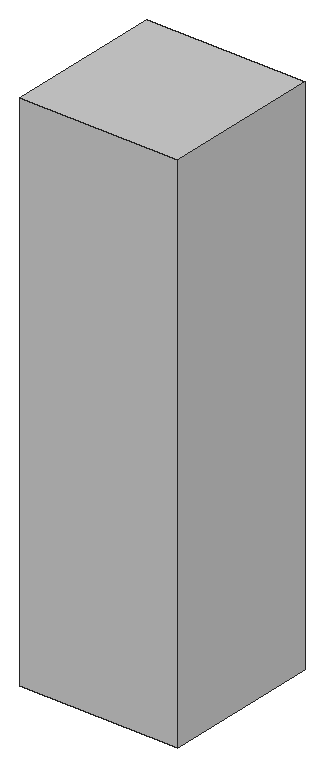
Revit family "Concrete Column Square", category Structural Columns, Revit 2015
Parameters (values of type "750mm")
  Width = 750 mm
  Structural Material [instance] = Concrete
Types (5, lengths in mm): name | Width
  (no name) | 750
  300mm | 300
  450mm | 450
  600mm | 600
  750mm | 750
Reference planes
  plane 1 "Center (Front/Back)": y = 0
  plane 2: z = 0
  plane 3 "Center (Left/Right)": x = 0
  plane 4: x = -375
  plane 5: x = 375
  plane 6: y = 375
  plane 7: y = -375
Forms (mm)
  Extrusion 1, solid, material "Concrete" <- "Structural Material"
    sketch origin (0, 0, 0) x (1, 0, 0) y (0, 1, 0)
      loop
        line (-375, 375) -> (-375, -375) -> (375, -375) -> (375, 375) -> (-375, 375)
    from 0 to 2500
Dimensions and locks
  equal spacing: plane 4, plane 3 "Center (Left/Right)", plane 5
  equal spacing: plane 7, plane 1 "Center (Front/Back)", plane 6
  "Width": plane 7 to plane 6
  "Width": plane 4 to plane 5
  aligned and locked: Extrusion 1 sketch curve to plane 6
  aligned and locked: Extrusion 1 sketch curve to plane 7
  aligned and locked: Extrusion 1 sketch curve to plane 4
  aligned and locked: Extrusion 1 sketch curve to plane 5
  aligned and locked: level to Extrusion 1
  aligned and locked: level to plane 2
  aligned and locked: Extrusion 1 to plane 2
